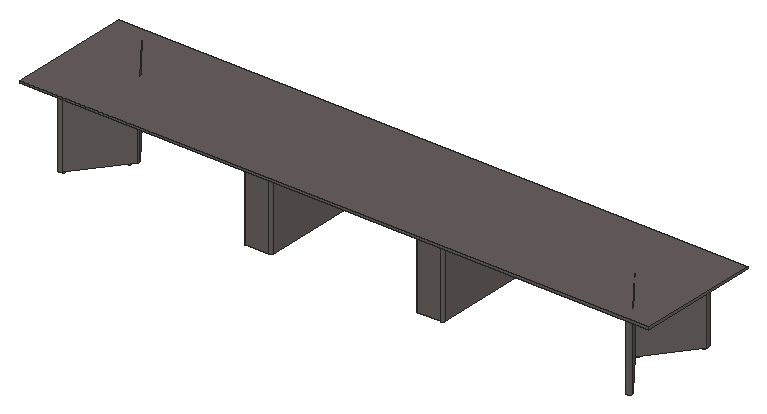
Revit family "Table-Teknion-CFTSTV_Figure_Table_Rectangular_Open_V_Leg_Subtop-R2023", category Furniture, Revit 2023
Family settings
  OmniClass Number = 23.40.20.00
  OmniClass Title = General Furniture and Specialties
  Work Plane-Based = No
  Enable Cutting in Views = No
  Always vertical = Yes
  Cut with Voids When Loaded = No
  Render Appearance Source = Family Geometry
  Shared = Yes
  Room Calculation Point = No
Parameters (values of type "Figure Table, Rectangular, Open V Leg, Subtop")
  Width [instance] = 240.000"
  Warranty = "http://www.teknion.com/ca/papers/legal-canada"
  V Leg Dim [instance] = if(Depth = 60.000", 25.000", 22.786")  # 25.000"
  Unit Weight URL = "http://www.teknion.com/ca/tools/assets#&asset=bee6a381-b954-425e-8283-5a2de3a804f2,f828d448-4b62-4231-9e5f-9a8991c0ed77"
  URL = "www.teknion.com"
  To render please download texture images found here [instance] = "https://assets.teknion.com/web/5e81352c1dfdb467/revit-material-swatches/"
  Sustainability Data = "https://www.teknion.com/ca/tools/assets#&topic=216f99a5-57a0-44fc-b10a-9dee9b29ae4c&asset=444deb64-fe58-4b68-981e-f75e97781df7,b4ff2d81-9f2e-437d-9659-7cffb09c31cf"
  Side Legs Dim [instance] = if(Depth = 60.000", 1.682", 0.914")  # 1.682"
  Series = "Custom Wood"  # constant formula
  Product Page URL = "https://www.teknion.com/ca/products/product-details?productLineId=f182336e-8e7a-673b-a6c8-ff00004460c4"
  Product Line = "Figure Table"  # constant formula
  Product Documentation Link = "https://d2r72yk5wmppdj.cloudfront.net/m/7b6608f508e3c5a8/Community_Table_Cut_Sheet.pdf"
  Part Number = "CFTSTV"  # constant formula
  Description = "Figure Table, Rectangular, Open V Leg, Subtop With Base for COM Surface"
  Base Finish [instance] = Veneer - Teknion - 5X - Flintwood - Dark Henna
  Base Dim [instance] = if(Depth = 60.000", 24.000", 18.000")  # 24.000"
  Actual Width [instance] = Width - 16.000"  # 224.000"
  Actual Depth [instance] = Depth - 16.000"  # 44.000"
  (N) No Central Base [instance] = not(or([(H) Hexa Panel], [(S) Softened Panel]))  # no
  Model = "CFTSTV_"  # constant formula
  Manufacturer Phone = "416-661-3370"  # constant formula
  Manufacturer Fax = "416.661.4586"  # constant formula
  Manufacturer Contact Information = "http://www.teknion.com/ca/contactus"
  Manufacturer Address = "1150 Flint Road, Toronto, ON. M3J 2J5. Canada"  # constant formula
  Manufacturer = "Teknion"  # constant formula
  How To Use Teknion Materials User Guide [instance] = "https://assets.teknion.com/m/205dd0a49fa58060/original/How-to-add-a-Material-Library-and-Texture-Images-to-your-Revit-project.pdf"
  (H) Hexa Panel [instance] = no
  For Additional Finishes please visit [instance] = "https://assets.teknion.com/m/44a8009b046e5d47/original/Teknion_Materials_Library.zip"
  Depth [instance] = 60.000"
  Default Elevation = 0.000"
  (S) Softened Panel [instance] = yes
  Central Base Options [instance] = if(Width > 131.000", "[(N) No Central Base] not available with selected width, Please select one of the options below", "Check / Uncheck for Base Options")  # "[(N) No Central Base] not available with selected width, Please select one of the options below"
  Base S 228"- [instance] = and([(S) Softened Panel], Width < 240.000")  # no
  Base S 240" [instance] = and([(S) Softened Panel], Width = 240.000")  # yes
  Base H 228"- [instance] = and([(H) Hexa Panel], Width < 240.000")  # no
  Base H 240" [instance] = and([(H) Hexa Panel], Width = 240.000")  # no
  Available Width [instance] = "Available In 96\", 108\", 120\", 132\", 144\", 156\", 168\", 180\", 192\", 204\", 216\", 228\", 240\""  # constant formula
  Available Depth [instance] = "Available In 48\", 54\", 60\""  # constant formula
  Assembly Code = "E2020200"
Reference planes (in)
  plane 1 "Center Front/Back": y = 0
  plane 2: z = 0
  plane 3 "Center Left/Right": x = 0.01361
  plane 4 "Left": x = -111.98639
  plane 5 "Right": x = 112.01361
  plane 6 "Back": y = 22
  plane 7 "Front": y = -22
  plane 8 "Top": z = 29
  plane 9: x = -37.31972
  plane 10: x = 37.34695
  plane 11: y = 12
  plane 12: y = -12
  plane 13: x = -86.98639
  plane 14: x = 87.01361
  plane 15: x = -35.63772
  plane 16: x = 35.66495
  plane 17 "WS TOP": z = 27.5
Forms (in)
  Sweep 1, solid, material "Veneer - Teknion - 5X - Flintwood - Dark Henna" <- "Base Finish"
    path origin (0, 0, 0) x (1, 0, 0) y (0, 0, 1)
      loop
        line (0.01361, 27.5) -> (0.01361, 26.75)
    profile origin (0.01361, 0, 27.125) x (0, -1, 0) y (1, 0, 0)
      loop
        line (22, -112) -> (22, 112) -> (-22, 112) -> (-22, -112) -> (22, -112)
  Sweep 2, solid, material "Veneer - Teknion - 5X - Flintwood - Dark Henna" <- "Base Finish"
    path origin (0, 0, 0) x (1, 0, 0) y (0, 1, 0)
      loop
        line (99.01361, 0) -> (-98.98639, 0)
    profile origin (0.01361, 0, 0) x (0, -1, 0) y (0, 0, 1)
      loop
        line (-7.932, 18.75) -> (-10.932, 26.75) -> (-12, 26.75) -> (-9, 18.75) -> (-7.932, 18.75)
      loop
        line (10.932, 26.75) -> (7.932, 18.75) -> (9, 18.75) -> (12, 26.75) -> (10.932, 26.75)
  Sweep 3, void
    path origin (0, 0, 0) x (1, 0, 0) y (0, 0, 1)
      loop
        line (0.01361, 42) -> (0.01361, 18.75)
    profile origin (0.01361, 0, 30.375) x (0, -1, 0) y (1, 0, 0)
      loop
        line (-17.38985, -100.08367) -> (-17.38985, -104.045) -> (18, -104.045) -> (18, -100.55185) -> (0, -86.73997) -> (-17.38985, -100.08367)
      loop
        line (0, 86.73997) -> (17.68067, 100.30682) -> (17.68067, 104.045) -> (-17.31933, 104.045) -> (-17.31933, 100.02956) -> (0, 86.73997)
Cuts and joins
  Sweep 3 cuts Sweep 2
Lines and regions (in)
  Masking region 1
    outline origin (0, 0, 0) x (1, 0, 0) y (0, 1, 0)
      loop
        line (112.01361, 22) -> (-111.98639, 22) -> (-111.98639, -22) -> (112.01361, -22) -> (112.01361, 22)
  symbolic lines, style "FurnitureHiddenLines", detail levels medium+fine
    curve 1: line (93.37627, 8.63086, 0) -> (94.19578, 9.69886, 0)
    curve 2: line (-94.16855, 9.69886, 0) -> (-93.34905, 8.63086, 0)
    curve 7: line (-95.93428, 12, 0) -> (95.96151, 12, 0)
    curve 8: line (95.142, 10.932, 0) -> (-95.11477, 10.932, 0)
    curve 9: line (-93.6323, 9, 0) -> (93.65953, 9, 0)
    curve 10: line (-92.81279, 7.932, 0) -> (92.84002, 7.932, 0)
    curve 11: line (90.53804, -7.932, 0) -> (-90.51081, -7.932, 0)
    curve 12: line (-91.33032, -9, 0) -> (91.35754, -9, 0)
    curve 13: line (-92.81279, -10.932, 0) -> (92.84002, -10.932, 0)
    curve 14: line (-93.6323, -12, 0) -> (93.65953, -12, 0)
  reference lines
    curve 3: line (-111.98639, 22, 0) -> (112.01361, 22, 0)
    curve 4: line (-111.98639, 22, 0) -> (-111.98639, -22, 0)
    curve 5: line (-111.98639, -22, 0) -> (112.01361, -22, 0)
    curve 6: line (112.01361, 22, 0) -> (112.01361, -22, 0)
Dimensions and locks (in)
  "Actual Width": plane 4 "Left" to plane 5 "Right"
  "Actual Depth": plane 6 "Back" to plane 7 "Front"
  plane 8 "Top" to level = 29.000"
  locked: plane 8 "Top" to Sweep 1 sketch curve at 2.25
  locked: plane 4 "Left" to Sweep 2 sketch curve at 13
  locked: Sweep 2 sketch curve to plane 5 "Right" at 13
  Sweep 2 sketch curve to Sweep 2 sketch curve to Sweep 2 sketch curve to Sweep 2 sketch curve = 1.068" locked, 1.932" locked, 1.068" locked
  Sweep 2 sketch curve to Sweep 2 sketch curve to Sweep 2 sketch curve to Sweep 2 sketch curve = 1.068", 1.932" locked, 1.068" locked
  plane 8 "Top" to Sweep 2 sketch curve to Sweep 2 sketch curve = 2.250" locked, 8.000" locked  (x2)
  equal spacing: plane 4 "Left", plane 3 "Center Left/Right", plane 5 "Right"
  equal spacing: plane 7 "Front", plane 1 "Center Front/Back", plane 6 "Back"
  equal spacing: plane 4 "Left", plane 9, plane 10, plane 5 "Right"
  equal spacing: plane 11, plane 1 "Center Front/Back", plane 12
  "Base Dim": plane 12 to plane 11
  "V Leg Dim": plane 4 "Left" to plane 13
  "V Leg Dim": plane 14 to plane 5 "Right"
  Sweep 3 sketch curve to plane 8 "Top" to Sweep 3 sketch curve = 13.000" locked, 10.250" locked
  Sweep 3 sketch curve to nested 8 to Sweep 3 sketch curve to Sweep 3 sketch curve = 18.000" locked, 0.000" locked, 17.38985" locked
  Sweep 3 sketch curve to plane 1 "Center Front/Back" to Sweep 3 sketch curve to Sweep 3 sketch curve = 17.68067" locked, 0.000" locked, 17.31933" locked
  Sweep 3 sketch curve to plane 14 to Sweep 3 sketch curve to Sweep 3 sketch curve to Sweep 3 sketch curve = 0.26003" locked, 13.02956" locked, 0.27727" locked, 3.73818" locked
  Sweep 3 sketch curve to Sweep 3 sketch curve to Sweep 3 sketch curve to plane 13 to Sweep 3 sketch curve = 3.49315" locked, 0.46819" locked, 13.08367" locked, 0.26003" locked
  "Side Legs Dim": plane 9 to plane 15
  "Side Legs Dim": plane 16 to plane 10
  locked: Sweep 1 sketch curve to Sweep 1 sketch curve at 0.75
  locked: plane 8 "Top" to plane 17 "WS TOP" at 1.5
  aligned and locked: level to plane 2
  aligned and locked: Sweep 1 sketch curve to plane 3 "Center Left/Right"
  aligned and locked: Sweep 2 sketch curve to plane 1 "Center Front/Back"
  aligned and locked: plane 1 "Center Front/Back" to nested 1
  aligned and locked: plane 1 "Center Front/Back" to nested 2
  aligned and locked: plane 3 "Center Left/Right" to nested 3
  aligned and locked: plane 1 "Center Front/Back" to nested 3
  aligned and locked: plane 1 "Center Front/Back" to nested 6
  aligned and locked: plane 1 "Center Front/Back" to nested 4
  aligned and locked: plane 3 "Center Left/Right" to nested 5
  aligned and locked: plane 1 "Center Front/Back" to nested 5
  aligned and locked: plane 3 "Center Left/Right" to nested 7
  aligned and locked: plane 1 "Center Front/Back" to nested 7
  aligned and locked: plane 2 to nested 4
  aligned and locked: plane 2 to nested 3
  aligned and locked: plane 2 to nested 2
  aligned and locked: plane 2 to nested 1
  aligned and locked: plane 2 to nested 5
  aligned and locked: plane 2 to nested 6
  aligned and locked: plane 12 to Sweep 2 sketch curve
  aligned and locked: plane 11 to Sweep 2 sketch curve
  aligned and locked: plane 1 "Center Front/Back" to nested 8
  aligned and locked: nested 9 to plane 1 "Center Front/Back"
  aligned and locked: nested 8 to plane 13
  aligned and locked: plane 14 to nested 9
  aligned and locked: Sweep 3 sketch curve to plane 3 "Center Left/Right"
  aligned and locked: nested 4 to plane 15
  aligned and locked: nested 1 to plane 15
  aligned and locked: nested 2 to plane 16
  aligned and locked: nested 6 to plane 16
  aligned and locked: nested 8 to plane 2
  aligned and locked: nested 9 to plane 2
  aligned and locked: curve 1 to cut or joined group of Sweep 2, Sweep 3
  aligned and locked: curve 2 to cut or joined group of Sweep 2, Sweep 3
  aligned and locked: Masking region 1 sketch curve to Sweep 1  (x4)
  aligned and locked: plane 6 "Back" to Sweep 1 sketch curve
  aligned and locked: Sweep 1 sketch curve to plane 4 "Left"
  aligned and locked: plane 7 "Front" to Sweep 1 sketch curve
  aligned and locked: Sweep 1 sketch curve to plane 5 "Right"
  aligned and locked: curve 3 to plane 6 "Back"
  aligned and locked: curve 4 to plane 4 "Left"
  aligned and locked: curve 5 to plane 7 "Front"
  aligned and locked: plane 5 "Right" to curve 6
  aligned and locked: curve 7 to cut or joined group of Sweep 2, Sweep 3
  aligned and locked: curve 8 to cut or joined group of Sweep 2, Sweep 3
  aligned and locked: curve 9 to cut or joined group of Sweep 2, Sweep 3
  aligned and locked: curve 10 to cut or joined group of Sweep 2, Sweep 3
  aligned and locked: cut or joined group of Sweep 2, Sweep 3 to curve 11
  aligned and locked: cut or joined group of Sweep 2, Sweep 3 to curve 12
  aligned and locked: cut or joined group of Sweep 2, Sweep 3 to curve 13
  aligned and locked: cut or joined group of Sweep 2, Sweep 3 to curve 14
Automatic sketch dimensions
  curve 2 to plane 11 = 2.30114"
  curve 1 to plane 11 = 2.30114"
  curve 7 to curve 2 = 1.76573"
  curve 1 to curve 7 = 1.76573"
  curve 7 to curve 8 = 0.81951"
  curve 8 to curve 7 = 0.81951"
  curve 9 to curve 2 = 0.28325"
  curve 1 to curve 9 = 0.28325"
  curve 2 to curve 10 = 0.53625"
  curve 10 to curve 1 = 0.53625"
  curve 11 to plane 13 = 3.52443"
  curve 11 to plane 14 = 3.52443"
  curve 12 to curve 11 = 0.81951"
  curve 11 to curve 12 = 0.81951"
  curve 13 to curve 12 = 1.48248"
  curve 12 to curve 13 = 1.48248"
  curve 14 to curve 13 = 0.81951"
  curve 13 to curve 14 = 0.81951"
Nested families (in)
  nested 1: "Softened Panel" at (-30.63772, 0, 0), Depth <- "Depth", Base Finish <- "Base Finish", visible <- "Base S 240"", type "Softened Panel"
    with Top Cutout yes, To render please download texture images found here "https://assets.teknion.com/web/5e81352c1dfdb467/revit-material-swatches/", Panel Width 36.000", Mid Leg no, Mid Cutout yes, Left Cutout yes, How To Use Teknion Materials User Guide "https://assets.teknion.com/m/205dd0a49fa58060/original/How-to-add-a-Material-Library-and-Texture-Images-to-your-Revit-project.pdf", Glide Finish Paint - Teknion - Foundation - Ebony, For Additional Finishes please visit "https://assets.teknion.com/m/44a8009b046e5d47/original/Teknion_Materials_Library.zip", Depth 60.000", Bottom Cutout yes, Base Finish Veneer - Teknion - 5X - Flintwood - Dark Henna
  nested 2: "Softened Panel" at (30.66495, 0, 0), Depth <- "Depth", Base Finish <- "Base Finish", visible <- "Base S 240"", type "Softened Panel"
    with Top Cutout yes, To render please download texture images found here "https://assets.teknion.com/web/5e81352c1dfdb467/revit-material-swatches/", Panel Width 36.000", Mid Leg no, Mid Cutout yes, Left Cutout no, How To Use Teknion Materials User Guide "https://assets.teknion.com/m/205dd0a49fa58060/original/How-to-add-a-Material-Library-and-Texture-Images-to-your-Revit-project.pdf", Glide Finish Paint - Teknion - Foundation - Ebony, For Additional Finishes please visit "https://assets.teknion.com/m/44a8009b046e5d47/original/Teknion_Materials_Library.zip", Depth 60.000", Bottom Cutout no, Base Finish Veneer - Teknion - 5X - Flintwood - Dark Henna
  nested 3: "Softened Panel" at (0.01361, 0, 0), Depth <- "Depth", Base Finish <- "Base Finish", visible <- "Base S 228"-", type "Softened Panel"
    with Top Cutout yes, To render please download texture images found here "https://assets.teknion.com/web/5e81352c1dfdb467/revit-material-swatches/", Panel Width 36.000", Mid Leg no, Mid Cutout yes, Left Cutout yes, How To Use Teknion Materials User Guide "https://assets.teknion.com/m/205dd0a49fa58060/original/How-to-add-a-Material-Library-and-Texture-Images-to-your-Revit-project.pdf", Glide Finish Paint - Teknion - Foundation - Ebony, For Additional Finishes please visit "https://assets.teknion.com/m/44a8009b046e5d47/original/Teknion_Materials_Library.zip", Depth 60.000", Bottom Cutout yes, Base Finish Veneer - Teknion - 5X - Flintwood - Dark Henna
  nested 4: "Hexa Panel" at (-30.63772, 0, 0), Base Finish <- "Base Finish", visible <- "Base H 240"", Depth <- "Depth", type "Hexa Panel"
    with To render please download texture images found here "https://assets.teknion.com/web/5e81352c1dfdb467/revit-material-swatches/", Panel Width 36.000", Mid Leg no, Left Cutout yes, How To Use Teknion Materials User Guide "https://assets.teknion.com/m/205dd0a49fa58060/original/How-to-add-a-Material-Library-and-Texture-Images-to-your-Revit-project.pdf", Glide Finish Paint - Teknion - Foundation - Ebony, For Additional Finishes please visit "https://assets.teknion.com/m/44a8009b046e5d47/original/Teknion_Materials_Library.zip", Depth 60.000", Base Finish Veneer - Teknion - 5X - Flintwood - Dark Henna
  nested 5: "Hexa Panel" at (0.01361, 0, 0), Base Finish <- "Base Finish", Depth <- "Depth", visible <- "Base H 228"-", type "Hexa Panel"
    with To render please download texture images found here "https://assets.teknion.com/web/5e81352c1dfdb467/revit-material-swatches/", Panel Width 36.000", Mid Leg no, Left Cutout yes, How To Use Teknion Materials User Guide "https://assets.teknion.com/m/205dd0a49fa58060/original/How-to-add-a-Material-Library-and-Texture-Images-to-your-Revit-project.pdf", Glide Finish Paint - Teknion - Foundation - Ebony, For Additional Finishes please visit "https://assets.teknion.com/m/44a8009b046e5d47/original/Teknion_Materials_Library.zip", Depth 60.000", Base Finish Veneer - Teknion - 5X - Flintwood - Dark Henna
  nested 6: "Hexa Panel" at (30.66495, 0, 0), Base Finish <- "Base Finish", visible <- "Base H 240"", Depth <- "Depth", type "Hexa Panel"
    with To render please download texture images found here "https://assets.teknion.com/web/5e81352c1dfdb467/revit-material-swatches/", Panel Width 36.000", Mid Leg no, Left Cutout no, How To Use Teknion Materials User Guide "https://assets.teknion.com/m/205dd0a49fa58060/original/How-to-add-a-Material-Library-and-Texture-Images-to-your-Revit-project.pdf", Glide Finish Paint - Teknion - Foundation - Ebony, For Additional Finishes please visit "https://assets.teknion.com/m/44a8009b046e5d47/original/Teknion_Materials_Library.zip", Depth 60.000", Base Finish Veneer - Teknion - 5X - Flintwood - Dark Henna
  nested 7: "Teknion_2D_Node_Family-R2021" at (0.01361, 0, 0), type "Teknion_2D_Node_Family-R2021"
  nested 8: "V Leg" at (-100.72679, 0.10332, 0), Base Finish <- "Base Finish", Depth <- "Depth", type "V Leg"
    with V Leg - Width 15.045", V Leg - Depth 36.000", To render please download texture images found here "https://assets.teknion.com/web/5e81352c1dfdb467/revit-material-swatches/", How To Use Teknion Materials User Guide "https://assets.teknion.com/m/205dd0a49fa58060/original/How-to-add-a-Material-Library-and-Texture-Images-to-your-Revit-project.pdf", Glide Finish Paint - Teknion - Foundation - Ebony, For Additional Finishes please visit "https://assets.teknion.com/m/44a8009b046e5d47/original/Teknion_Materials_Library.zip", Depth 60.000", Base Finish Veneer - Teknion - 5X - Flintwood - Dark Henna
  nested 9: "V Leg" at (100.75401, 0.10332, 0) x (-1, 0, 0) z (0, 0, 1), Base Finish <- "Base Finish", Depth <- "Depth", type "V Leg"
    with V Leg - Width 15.045", V Leg - Depth 36.000", To render please download texture images found here "https://assets.teknion.com/web/5e81352c1dfdb467/revit-material-swatches/", How To Use Teknion Materials User Guide "https://assets.teknion.com/m/205dd0a49fa58060/original/How-to-add-a-Material-Library-and-Texture-Images-to-your-Revit-project.pdf", Glide Finish Paint - Teknion - Foundation - Ebony, For Additional Finishes please visit "https://assets.teknion.com/m/44a8009b046e5d47/original/Teknion_Materials_Library.zip", Depth 60.000", Base Finish Veneer - Teknion - 5X - Flintwood - Dark Henna
Definition of nested family "Softened Panel"
  Parameters (values of type "Softened Panel")
    Warranty = "http://www.teknion.com/ca/papers/legal-canada"
    Unit Weight URL = "http://www.teknion.com/ca/tools/assets#&asset=bee6a381-b954-425e-8283-5a2de3a804f2,f828d448-4b62-4231-9e5f-9a8991c0ed77"
    URL = "www.teknion.com"
    Top Cutout [instance] = yes
    To render please download texture images found here [instance] = "https://assets.teknion.com/web/5e81352c1dfdb467/revit-material-swatches/"
    Sustainability Data = "https://www.teknion.com/ca/tools/assets#&topic=216f99a5-57a0-44fc-b10a-9dee9b29ae4c&asset=444deb64-fe58-4b68-981e-f75e97781df7,b4ff2d81-9f2e-437d-9659-7cffb09c31cf"
    Series = ""
    Product Page URL = ""
    Product Line = ""
    Product Documentation Link = ""
    Part Number = ""
    Panel Width [instance] = if(Depth = 60.000", 36.000", 30.000")  # 30.000"
    Model = ""
    Mid Leg [instance] = yes
    Mid Cutout [instance] = not(Mid Leg)  # no
    Manufacturer Phone = "416-661-3370"  # constant formula
    Manufacturer Fax = "416.661.4586"  # constant formula
    Manufacturer Contact Information = "http://www.teknion.com/ca/contactus"
    Manufacturer Address = "1150 Flint Road, Toronto, ON. M3J 2J5. Canada"  # constant formula
    Manufacturer = "Teknion"  # constant formula
    Left Cutout [instance] = yes
    How To Use Teknion Materials User Guide [instance] = "https://assets.teknion.com/m/205dd0a49fa58060/original/How-to-add-a-Material-Library-and-Texture-Images-to-your-Revit-project.pdf"
    Glide Finish [instance] = none
    For Additional Finishes please visit [instance] = "https://assets.teknion.com/m/44a8009b046e5d47/original/Teknion_Materials_Library.zip"
    Description = "Softened Panel"
    Depth [instance] = 0.000"
    Default Elevation = 0.000"
    Bottom Cutout [instance] = yes
    Base Finish [instance] = none
    Assembly Code = "E2020200"
  Reference planes (in)
    plane 1 "Center Front/Back": y = 0
    plane 2: z = 0
    plane 3 "Center Left/Right": x = 0
    plane 4 "Left": x = -5
    plane 5 "Right": x = 5
    plane 6 "Back": y = 15
    plane 7 "Front": y = -15
    plane 8 "Top": z = 26.75
    plane 9 "1": y = -13.646
    plane 10 "2": y = 13.646
    plane 11: z = 0.5
  Forms (in)
    Revolve 1, solid, material <- "Glide Finish"
      sketch origin (0, -13.646, 0) x (-1, 0, 0) y (0, 0, 1)
        loop
          line (3.64645, 0.25) -> (3.64645, 0) -> (4.14645, 0) -> (4.14645, 0.25) -> (3.64645, 0.25)
        axis (3.64645, 0.25) -> (3.64645, 0)
      angle from 0 to 360
    Revolve 2, solid, material <- "Glide Finish"
      sketch origin (7.81887, -13.646, 0) x (-1, 0, 0) y (0, 0, 1)
        loop
          line (4.17242, 0.25) -> (4.17242, 0) -> (4.67242, 0) -> (4.67242, 0.25) -> (4.17242, 0.25)
        axis (4.17242, 0.25) -> (4.17242, 0)
      angle from 0 to 360
    Revolve 3, solid, material <- "Glide Finish"
      sketch origin (0, 13.646, 0) x (-1, 0, 0) y (0, 0, 1)
        loop
          line (3.64645, 0.25) -> (3.64645, 0) -> (4.14645, 0) -> (4.14645, 0.25) -> (3.64645, 0.25)
        axis (3.64645, 0.25) -> (3.64645, 0)
      angle from 0 to 360
    Revolve 4, solid, material <- "Glide Finish"
      sketch origin (0, 13.646, 0) x (-1, 0, 0) y (0, 0, 1)
        loop
          line (-3.64645, 0.25) -> (-3.64645, 0) -> (-3.14645, 0) -> (-3.14645, 0.25) -> (-3.64645, 0.25)
        axis (-3.64645, 0.25) -> (-3.64645, 0)
      angle from 0 to 360
    Sweep 5, solid, material <- "Glide Finish"
      path origin (0, 0, 0) x (1, 0, 0) y (0, 0, 1)
        loop
          line (0, 0.5) -> (0, 0.25)
      profile origin (0, 0, 0.375) x (0, -1, 0) y (1, 0, 0)
        loop
          line (13.3335, -3.82713) -> (13.646, -4.00755) -> (13.9585, -3.82713) -> (13.9585, -3.46628) -> (13.646, -3.28586) -> (13.3335, -3.46628) -> (13.3335, -3.82713)
        loop
          line (13.3335, 3.46628) -> (13.646, 3.28586) -> (13.9585, 3.46628) -> (13.9585, 3.82713) -> (13.646, 4.00755) -> (13.3335, 3.82713) -> (13.3335, 3.46628)
        loop
          line (-13.9585, 3.46628) -> (-13.646, 3.28586) -> (-13.3335, 3.46628) -> (-13.3335, 3.82713) -> (-13.646, 4.00755) -> (-13.9585, 3.82713) -> (-13.9585, 3.46628)
        loop
          line (-13.9585, -3.82713) -> (-13.646, -4.00755) -> (-13.3335, -3.82713) -> (-13.3335, -3.46628) -> (-13.646, -3.28586) -> (-13.9585, -3.46628) -> (-13.9585, -3.82713)
    Sweep 6, solid, material <- "Base Finish"
      path origin (0, 0, 0) x (1, 0, 0) y (0, 0, 1)
        loop
          line (0, 26.75) -> (0, 0.5)
      profile origin (0, 0, 13.625) x (0, -1, 0) y (1, 0, 0)
        loop
          line (14, 5) -> (-14, 5)
          arc (-14, 5) -> (-14.70711, 4.70711) -> (-15, 4) r 1
          line (-15, 4) -> (-15, -4)
          arc (-15, -4) -> (-14.70711, -4.70711) -> (-14, -5) r 1
          line (-14, -5) -> (14, -5)
          arc (14, -5) -> (14.70711, -4.70711) -> (15, -4) r 1
          line (15, -4) -> (15, 4)
          arc (15, 4) -> (14.70711, 4.70711) -> (14, 5) r 1
    Sweep 7, void
      path origin (0, 0, 0) x (1, 0, 0) y (0, 1, 0)
        loop
          line (7.5, 0) -> (-7.5, 0)
      profile origin (0, 0, 0) x (0, -1, 0) y (0, 0, 1)
        loop
          line (-5, 27.5) -> (-5, 24.5)
          arc (-5, 24.5) -> (-4.85355, 24.14645) -> (-4.5, 24) r 0.5
          line (-4.5, 24) -> (4.5, 24)
          arc (4.5, 24) -> (4.85355, 24.14645) -> (5, 24.5) r 0.5
          line (5, 24.5) -> (5, 27.5) -> (-5, 27.5)
    Sweep 8, void
      path origin (0, 0, 0) x (1, 0, 0) y (0, 0, 1)
        loop
          line (0, 26) -> (0, 1.25)
      profile origin (0, 0, 13.625) x (0, -1, 0) y (1, 0, 0)
        loop
          line (-14.25, -4.25) -> (14.25, -4.25) -> (14.25, 4.25) -> (-14.25, 4.25) -> (-14.25, -4.25)
    Sweep 9, void
      path origin (0, 0, 0) x (1, 0, 0) y (0, 0, 1)
        loop
          line (0, 0) -> (0, 2)
      profile origin (0, 0, 1) x (-1, 0, 0) y (0, -1, 0)
        loop
          arc (3, -2.64575) -> (4, 0) -> (3, 2.64575) r 4
          line (3, 2.64575) -> (3, 4.5)
          arc (3, 4.5) -> (2.85355, 4.85355) -> (2.5, 5) r 0.5
          line (2.5, 5) -> (-2.5, 5)
          arc (-2.5, 5) -> (-2.85355, 4.85355) -> (-3, 4.5) r 0.5
          line (-3, 4.5) -> (-3, 2.64575)
          arc (-3, 2.64575) -> (-4, 0) -> (-3, -2.64575) r 4
          line (-3, -2.64575) -> (-3, -4.5)
          arc (-3, -4.5) -> (-2.85355, -4.85355) -> (-2.5, -5) r 0.5
          line (-2.5, -5) -> (2.5, -5)
          arc (2.5, -5) -> (2.85355, -4.85355) -> (3, -4.5) r 0.5
          line (3, -4.5) -> (3, -2.64575)
    Sweep 10, void
      path origin (0, 0, 0) x (1, 0, 0) y (0, 1, 0)
        loop
          line (-2.5, 0) -> (-7.5, 0)
      profile origin (-5, 0, 0) x (0, -1, 0) y (0, 0, 1)
        loop
          line (-3.9, 21) -> (-3.9, 4.6) -> (3.9, 4.6) -> (3.9, 21) -> (-3.9, 21)
        loop
          line (-4, 22) -> (-4, 4.5) -> (4, 4.5) -> (4, 22)
          arc (4, 22) -> (3.85355, 22.35355) -> (3.5, 22.5) r 0.5
          line (3.5, 22.5) -> (-3.5, 22.5)
          arc (-3.5, 22.5) -> (-3.85355, 22.35355) -> (-4, 22) r 0.5
    Sweep 11, void
      path origin (0, 0, 0) x (1, 0, 0) y (0, 1, 0)
        loop
          line (7.5, 0) -> (-7.25, 0)
      profile origin (0.125, 0, 0) x (0, -1, 0) y (0, 0, 1)
        loop
          arc (2.75, 24) -> (2.92678, 24.07322) -> (3, 24.25) r 0.25
          line (3, 24.25) -> (3, 25.75)
          arc (3, 25.75) -> (2.92678, 25.92678) -> (2.75, 26) r 0.25
          line (2.75, 26) -> (-2.75, 26)
          arc (-2.75, 26) -> (-2.92678, 25.92678) -> (-3, 25.75) r 0.25
          line (-3, 25.75) -> (-3, 24.25)
          arc (-3, 24.25) -> (-2.92678, 24.07322) -> (-2.75, 24) r 0.25
          line (-2.75, 24) -> (2.75, 24)
    Sweep 12, void
      path origin (0, 0, 0) x (1, 0, 0) y (0, 0, 1)
        loop
          line (0, 28.75) -> (0, -1.25)
      profile origin (0, 0, 13.75) x (0, -1, 0) y (1, 0, 0)
        loop
          arc (4.5, -3) -> (4.85355, -2.85355) -> (5, -2.5) r 0.5
          line (5, -2.5) -> (5, 2.5)
          arc (5, 2.5) -> (4.85355, 2.85355) -> (4.5, 3) r 0.5
          line (4.5, 3) -> (-4.5, 3)
          arc (-4.5, 3) -> (-4.85355, 2.85355) -> (-5, 2.5) r 0.5
          line (-5, 2.5) -> (-5, -2.5)
          arc (-5, -2.5) -> (-4.85355, -2.85355) -> (-4.5, -3) r 0.5
          line (-4.5, -3) -> (4.5, -3)
  Cuts and joins
    joined: Revolve 1, Revolve 2, Revolve 3, Revolve 4, Sweep 5
    Sweep 7, Sweep 8, Sweep 9, Sweep 10, Sweep 11, Sweep 12 cuts Sweep 6
  Lines and regions (in)
    symbolic lines, visible <- "Bottom Cutout", detail levels medium+fine
      curve 1: arc (3, 2.64575, 0) -> (4, 0, 0) -> (3, -2.64575, 0) r 4
      curve 2: arc (-3, -2.64575, 0) -> (-4, 0, 0) -> (-3, 2.64575, 0) r 4
      curve 41: arc (-3, 2.64575, 0) -> (-4, 0, 0) -> (-3, -2.64575, 0) r 4
      curve 47: arc (3, -2.64575, 0) -> (4, 0, 0) -> (3, 2.64575, 0) r 4
    symbolic lines, not visible, detail levels medium+fine
      curve 3: line (5, 5, 0) -> (-5, 5, 0)
      curve 4: line (-5, -5, 0) -> (5, -5, 0)
    symbolic lines, detail levels fine
      curve 5: line (-3.46628, 13.9585, 0) -> (-3.82713, 13.9585, 0)
      curve 6: line (-3.82713, 13.9585, 0) -> (-4.00755, 13.646, 0)
      curve 7: line (-4.00755, 13.646, 0) -> (-3.82713, 13.3335, 0)
      curve 8: line (-3.82713, 13.3335, 0) -> (-3.46628, 13.3335, 0)
      curve 9: line (-3.46628, 13.3335, 0) -> (-3.28586, 13.646, 0)
      curve 10: line (-3.28586, 13.646, 0) -> (-3.46628, 13.9585, 0)
      curve 11: arc (-4.14645, 13.646, 0) -> (-3.64645, 14.146, 0) -> (-3.14645, 13.646, 0) r 0.5
      curve 12: arc (-3.14645, 13.646, 0) -> (-3.64645, 13.146, 0) -> (-4.14645, 13.646, 0) r 0.5
      curve 13: arc (4.14645, 13.646, 0) -> (3.64645, 13.146, 0) -> (3.14645, 13.646, 0) r 0.5
      curve 14: arc (3.14645, 13.646, 0) -> (3.64645, 14.146, 0) -> (4.14645, 13.646, 0) r 0.5
      curve 15: line (3.82713, 13.9585, 0) -> (3.46628, 13.9585, 0)
      curve 16: line (3.46628, 13.9585, 0) -> (3.28586, 13.646, 0)
      curve 17: line (3.28586, 13.646, 0) -> (3.46628, 13.3335, 0)
      curve 18: line (3.46628, 13.3335, 0) -> (3.82713, 13.3335, 0)
      curve 19: line (3.82713, 13.3335, 0) -> (4.00755, 13.646, 0)
      curve 20: line (4.00755, 13.646, 0) -> (3.82713, 13.9585, 0)
      curve 21: line (3.82713, -13.3335, 0) -> (3.46628, -13.3335, 0)
      curve 22: line (3.46628, -13.3335, 0) -> (3.28586, -13.646, 0)
      curve 23: line (3.28586, -13.646, 0) -> (3.46628, -13.9585, 0)
      curve 24: line (3.46628, -13.9585, 0) -> (3.82713, -13.9585, 0)
      curve 25: line (3.82713, -13.9585, 0) -> (4.00755, -13.646, 0)
      curve 26: line (4.00755, -13.646, 0) -> (3.82713, -13.3335, 0)
      curve 27: arc (4.14645, -13.646, 0) -> (3.64645, -13.146, 0) -> (3.14645, -13.646, 0) r 0.5
      curve 28: arc (3.14645, -13.646, 0) -> (3.64645, -14.146, 0) -> (4.14645, -13.646, 0) r 0.5
      curve 29: arc (-4.14645, -13.646, 0) -> (-3.64645, -14.146, 0) -> (-3.14645, -13.646, 0) r 0.5
      curve 30: arc (-3.14645, -13.646, 0) -> (-3.64645, -13.146, 0) -> (-4.14645, -13.646, 0) r 0.5
      curve 31: line (-3.28586, -13.646, 0) -> (-3.46628, -13.3335, 0)
      curve 32: line (-3.46628, -13.3335, 0) -> (-3.82713, -13.3335, 0)
      curve 33: line (-3.82713, -13.3335, 0) -> (-4.00755, -13.646, 0)
      curve 34: line (-4.00755, -13.646, 0) -> (-3.82713, -13.9585, 0)
      curve 35: line (-3.82713, -13.9585, 0) -> (-3.46628, -13.9585, 0)
      curve 36: line (-3.46628, -13.9585, 0) -> (-3.28586, -13.646, 0)
    symbolic lines, detail levels medium+fine
      curve 37: line (-4.25, 14.25, 0) -> (-4.25, -14.25, 0)
      curve 38: line (-4.25, -14.25, 0) -> (4.25, -14.25, 0)
      curve 39: line (4.25, -14.25, 0) -> (4.25, 14.25, 0)
      curve 40: line (4.25, 14.25, 0) -> (-4.25, 14.25, 0)
      curve 42: line (-3, -2.64575, 0) -> (-3, -4.5, 0)
      curve 43: arc (-3, -4.5, 0) -> (-2.85355, -4.85355, 0) -> (-2.5, -5, 0) r 0.5
      curve 44: line (-2.5, -5, 0) -> (2.5, -5, 0)
      curve 45: arc (2.5, -5, 0) -> (2.85355, -4.85355, 0) -> (3, -4.5, 0) r 0.5
      curve 46: line (3, -4.5, 0) -> (3, -2.64575, 0)
      curve 48: line (3, 2.64575, 0) -> (3, 4.5, 0)
      curve 49: arc (3, 4.5, 0) -> (2.85355, 4.85355, 0) -> (2.5, 5, 0) r 0.5
      curve 50: line (2.5, 5, 0) -> (-2.5, 5, 0)
      curve 51: arc (-2.5, 5, 0) -> (-2.85355, 4.85355, 0) -> (-3, 4.5, 0) r 0.5
      curve 52: line (-3, 4.5, 0) -> (-3, 2.64575, 0)
      curve 53: line (-3, -4.5, 0) -> (-3, 4.5, 0)
      curve 54: arc (-3, 4.5, 0) -> (-2.85355, 4.85355, 0) -> (-2.5, 5, 0) r 0.5
      curve 55: line (-2.5, 5, 0) -> (2.5, 5, 0)
      curve 56: arc (2.5, 5, 0) -> (2.85355, 4.85355, 0) -> (3, 4.5, 0) r 0.5
      curve 57: line (3, 4.5, 0) -> (3, -4.5, 0)
      curve 58: arc (3, -4.5, 0) -> (2.85355, -4.85355, 0) -> (2.5, -5, 0) r 0.5
      curve 59: line (2.5, -5, 0) -> (-2.5, -5, 0)
      curve 60: arc (-2.5, -5, 0) -> (-2.85355, -4.85355, 0) -> (-3, -4.5, 0) r 0.5
      curve 61: line (-5, 14, 0) -> (-5, -14, 0)
      curve 62: arc (-5, -14, 0) -> (-4.70711, -14.70711, 0) -> (-4, -15, 0) r 1
      curve 63: line (-4, -15, 0) -> (4, -15, 0)
      curve 64: arc (4, -15, 0) -> (4.70711, -14.70711, 0) -> (5, -14, 0) r 1
      curve 65: line (5, -14, 0) -> (5, 14, 0)
      curve 66: arc (5, 14, 0) -> (4.70711, 14.70711, 0) -> (4, 15, 0) r 1
      curve 67: line (4, 15, 0) -> (-4, 15, 0)
      curve 68: arc (-4, 15, 0) -> (-4.70711, 14.70711, 0) -> (-5, 14, 0) r 1
  Dimensions and locks (in)
    plane 4 "Left" to plane 5 "Right" = 10.000"
    "Panel Width": plane 6 "Back" to plane 7 "Front"
    locked: plane 8 "Top" to level at 26.75
    equal spacing: plane 6 "Back", plane 1 "Center Front/Back", plane 7 "Front"
    equal spacing: plane 4 "Left", plane 3 "Center Left/Right", plane 5 "Right"
    locked: plane 6 "Back" to plane 10 "2" at 1.354
    locked: plane 7 "Front" to plane 9 "1" at 1.354
    locked: plane 11 to plane 2 at 0.5
    locked: Revolve 1 sketch curve to plane 2 at 0.25
    Revolve 1 sketch curve to Revolve 1 sketch curve to plane 4 "Left" = 0.500" locked, 0.85355" locked
    locked: Revolve 2 sketch curve to plane 2 at 0.25
    Revolve 2 sketch curve to Revolve 2 sketch curve to plane 5 "Right" = 0.500" locked, 1.35355" locked
    locked: Revolve 2 sketch curve to plane 5 "Right" at 1.35355
    Revolve 3 sketch curve to Revolve 3 sketch curve to plane 4 "Left" = 0.500" locked, 0.85355" locked
    locked: Revolve 3 sketch curve to plane 2 at 0.25
    locked: Revolve 4 sketch curve to plane 2 at 0.25
    Revolve 4 sketch curve to Revolve 4 sketch curve to plane 5 "Right" = 0.500" locked, 1.35355" locked
    locked: Revolve 4 sketch curve to plane 5 "Right" at 1.35355
    locked: Sweep 5 sketch curve to plane 2 at 0.25
    plane 4 "Left" to Sweep 5 sketch curve to Sweep 5 sketch curve to Sweep 5 sketch curve to Sweep 5 sketch curve to Sweep 5 sketch curve to Sweep 5 sketch curve = 0.99245" locked, 0.18042" locked, 0.000" locked, 0.36084" locked, 0.000" locked, 0.18042" locked  (x2)
    Sweep 5 sketch curve to Sweep 5 sketch curve to Sweep 5 sketch curve to Sweep 5 sketch curve to Sweep 5 sketch curve to Sweep 5 sketch curve to plane 5 "Right" = 0.18042" locked, 0.000" locked, 0.36084" locked, 0.000" locked, 0.18042" locked, 0.99245" locked  (x2)
    Sweep 5 sketch curve to plane 9 "1" to Sweep 5 sketch curve = 0.3125" locked, 0.3125" locked  (x2)
    Sweep 5 sketch curve to plane 10 "2" to Sweep 5 sketch curve = 0.3125" locked, 0.3125" locked  (x2)
    locked: plane 4 "Left" to Revolve 1 sketch curve at 1.35355
    locked: plane 4 "Left" to Revolve 3 sketch curve at 1.35355
    locked: plane 6 "Back" to Sweep 6 sketch curve at 1  (x2)
    locked: plane 7 "Front" to Sweep 6 sketch curve at 1  (x2)
    locked: plane 4 "Left" to Sweep 6 sketch curve at 1  (x2)
    locked: Sweep 6 sketch curve to plane 5 "Right" at 1  (x2)
    Sweep 7 sketch curve to Sweep 7 sketch curve to plane 1 "Center Front/Back" to Sweep 7 sketch curve to Sweep 7 sketch curve = 0.500" locked, 4.500" locked, 4.500" locked, 0.500" locked
    Sweep 7 sketch curve to plane 8 "Top" to Sweep 7 sketch curve = 0.750" locked, 2.750" locked
    locked: Sweep 8 sketch curve to plane 11 at 0.75
    locked: plane 8 "Top" to Sweep 8 sketch curve at 0.75
    locked: Sweep 8 sketch curve to plane 7 "Front" at 0.75
    locked: Sweep 8 sketch curve to plane 6 "Back" at 0.75
    locked: plane 4 "Left" to Sweep 8 sketch curve at 0.75
    locked: Sweep 8 sketch curve to plane 5 "Right" at 0.75
    locked: Sweep 9 sketch curve to plane 2 at 2
    Sweep 9 sketch curve to Sweep 9 sketch curve to Sweep 9 sketch curve to Sweep 9 sketch curve to Sweep 9 sketch curve to plane 1 "Center Front/Back" to Sweep 9 sketch curve to Sweep 9 sketch curve to Sweep 9 sketch curve to Sweep 9 sketch curve to Sweep 9 sketch curve = 0.500" locked, 0.000" locked, 1.85425" locked, 0.000" locked, 2.64575" locked, 2.64575" locked, 0.000" locked, 1.85425" locked, 0.000" locked, 0.500" locked
    Sweep 9 sketch curve to Sweep 9 sketch curve to plane 3 "Center Left/Right" to Sweep 9 sketch curve to Sweep 9 sketch curve = 0.500" locked, 2.500" locked, 2.500" locked, 0.500" locked
    Sweep 10 sketch curve to Sweep 10 sketch curve to plane 3 "Center Left/Right" = 5.000" locked, 2.500" locked
    Sweep 10 sketch curve to Sweep 10 sketch curve to Sweep 10 sketch curve to Sweep 10 sketch curve to plane 11 = 1.500" locked, 16.400" locked, 0.100" locked, 4.000" locked
    Sweep 10 sketch curve to Sweep 10 sketch curve to Sweep 10 sketch curve to plane 1 "Center Front/Back" to Sweep 10 sketch curve to Sweep 10 sketch curve to Sweep 10 sketch curve = 0.100" locked, 0.400" locked, 3.500" locked, 3.500" locked, 0.400" locked, 0.100" locked
    locked: Sweep 7 sketch curve to plane 4 "Left" at 2.5
    locked: plane 3 "Center Left/Right" to Sweep 11 sketch curve at 7.5
    Sweep 11 sketch curve to Sweep 11 sketch curve to plane 1 "Center Front/Back" to Sweep 11 sketch curve to Sweep 11 sketch curve = 0.250" locked, 2.750" locked, 2.750" locked, 0.250" locked
    Sweep 11 sketch curve to Sweep 11 sketch curve to Sweep 11 sketch curve to Sweep 11 sketch curve to plane 8 "Top" = 0.250" locked, 1.500" locked, 0.250" locked, 0.750" locked
    locked: Sweep 12 sketch curve to plane 8 "Top" at 2
    Sweep 12 sketch curve to Sweep 12 sketch curve to plane 3 "Center Left/Right" to Sweep 12 sketch curve to Sweep 12 sketch curve = 0.500" locked, 2.500" locked, 2.500" locked, 0.500" locked
    Sweep 12 sketch curve to Sweep 12 sketch curve to plane 1 "Center Front/Back" to Sweep 12 sketch curve to Sweep 12 sketch curve = 0.500" locked, 4.500" locked, 4.500" locked, 0.500" locked
    aligned and locked: level to plane 2
    aligned and locked: plane 2 to Revolve 1 sketch curve
    aligned and locked: plane 2 to Revolve 2 sketch curve
    aligned and locked: plane 2 to Revolve 3 sketch curve
    aligned and locked: plane 2 to Revolve 4 sketch curve
    aligned and locked: plane 11 to Sweep 5 sketch curve
    aligned and locked: Sweep 5 sketch curve to plane 3 "Center Left/Right"
    aligned and locked: plane 9 "1" to Sweep 5 sketch curve  (x4)
    aligned and locked: plane 10 "2" to Sweep 5 sketch curve  (x4)
    aligned and locked: plane 11 to Sweep 6 sketch curve
    aligned and locked: plane 8 "Top" to Sweep 6 sketch curve
    aligned and locked: Sweep 6 sketch curve to plane 3 "Center Left/Right"
    aligned and locked: Sweep 6 sketch curve to plane 7 "Front"
    aligned and locked: plane 4 "Left" to Sweep 6 sketch curve
    aligned and locked: plane 6 "Back" to Sweep 6 sketch curve
    aligned and locked: Sweep 7 sketch curve to plane 1 "Center Front/Back"
    aligned and locked: Sweep 8 sketch curve to plane 3 "Center Left/Right"
    aligned and locked: plane 2 to Sweep 9 sketch curve
    aligned and locked: plane 3 "Center Left/Right" to Sweep 9 sketch curve  (x3)
    aligned and locked: Sweep 9 sketch curve to Sweep 9 sketch curve
    aligned and locked: Sweep 10 sketch curve to plane 1 "Center Front/Back"
    aligned and locked: Sweep 12 sketch curve to plane 3 "Center Left/Right"
    aligned and locked: Sweep 11 sketch curve to plane 1 "Center Front/Back"
    aligned and locked: curve 5 to cut or joined group of Revolve 1, Revolve 2, Revolve 3, Revolve 4, Sweep 5
    aligned and locked: curve 6 to cut or joined group of Revolve 1, Revolve 2, Revolve 3, Revolve 4, Sweep 5
    aligned and locked: curve 7 to cut or joined group of Revolve 1, Revolve 2, Revolve 3, Revolve 4, Sweep 5
    aligned and locked: curve 8 to cut or joined group of Revolve 1, Revolve 2, Revolve 3, Revolve 4, Sweep 5
    aligned and locked: curve 9 to cut or joined group of Revolve 1, Revolve 2, Revolve 3, Revolve 4, Sweep 5
    aligned and locked: curve 10 to cut or joined group of Revolve 1, Revolve 2, Revolve 3, Revolve 4, Sweep 5
    aligned and locked: curve 11 to cut or joined group of Revolve 1, Revolve 2, Revolve 3, Revolve 4, Sweep 5
    aligned and locked: curve 12 to cut or joined group of Revolve 1, Revolve 2, Revolve 3, Revolve 4, Sweep 5
    aligned and locked: curve 13 to cut or joined group of Revolve 1, Revolve 2, Revolve 3, Revolve 4, Sweep 5
    aligned and locked: curve 14 to cut or joined group of Revolve 1, Revolve 2, Revolve 3, Revolve 4, Sweep 5
    aligned and locked: curve 15 to cut or joined group of Revolve 1, Revolve 2, Revolve 3, Revolve 4, Sweep 5
    aligned and locked: curve 16 to cut or joined group of Revolve 1, Revolve 2, Revolve 3, Revolve 4, Sweep 5
    aligned and locked: curve 17 to cut or joined group of Revolve 1, Revolve 2, Revolve 3, Revolve 4, Sweep 5
    aligned and locked: curve 18 to cut or joined group of Revolve 1, Revolve 2, Revolve 3, Revolve 4, Sweep 5
    aligned and locked: curve 19 to cut or joined group of Revolve 1, Revolve 2, Revolve 3, Revolve 4, Sweep 5
    aligned and locked: curve 20 to cut or joined group of Revolve 1, Revolve 2, Revolve 3, Revolve 4, Sweep 5
    aligned and locked: curve 21 to cut or joined group of Revolve 1, Revolve 2, Revolve 3, Revolve 4, Sweep 5
    aligned and locked: curve 22 to cut or joined group of Revolve 1, Revolve 2, Revolve 3, Revolve 4, Sweep 5
    aligned and locked: curve 23 to cut or joined group of Revolve 1, Revolve 2, Revolve 3, Revolve 4, Sweep 5
    aligned and locked: curve 24 to cut or joined group of Revolve 1, Revolve 2, Revolve 3, Revolve 4, Sweep 5
    aligned and locked: curve 25 to cut or joined group of Revolve 1, Revolve 2, Revolve 3, Revolve 4, Sweep 5
    aligned and locked: curve 26 to cut or joined group of Revolve 1, Revolve 2, Revolve 3, Revolve 4, Sweep 5
    aligned and locked: curve 27 to cut or joined group of Revolve 1, Revolve 2, Revolve 3, Revolve 4, Sweep 5
    aligned and locked: curve 28 to cut or joined group of Revolve 1, Revolve 2, Revolve 3, Revolve 4, Sweep 5
    aligned and locked: curve 29 to cut or joined group of Revolve 1, Revolve 2, Revolve 3, Revolve 4, Sweep 5
    aligned and locked: curve 30 to cut or joined group of Revolve 1, Revolve 2, Revolve 3, Revolve 4, Sweep 5
    aligned and locked: curve 31 to cut or joined group of Revolve 1, Revolve 2, Revolve 3, Revolve 4, Sweep 5
    aligned and locked: curve 32 to cut or joined group of Revolve 1, Revolve 2, Revolve 3, Revolve 4, Sweep 5
    aligned and locked: curve 33 to cut or joined group of Revolve 1, Revolve 2, Revolve 3, Revolve 4, Sweep 5
    aligned and locked: curve 34 to cut or joined group of Revolve 1, Revolve 2, Revolve 3, Revolve 4, Sweep 5
    aligned and locked: curve 35 to cut or joined group of Revolve 1, Revolve 2, Revolve 3, Revolve 4, Sweep 5
    aligned and locked: curve 36 to cut or joined group of Revolve 1, Revolve 2, Revolve 3, Revolve 4, Sweep 5
    aligned and locked: curve 37 to cut or joined group of Sweep 6, Sweep 7, Sweep 8, Sweep 9, Sweep 10, Sweep 11, Sweep 12
    aligned and locked: curve 38 to cut or joined group of Sweep 6, Sweep 7, Sweep 8, Sweep 9, Sweep 10, Sweep 11, Sweep 12
    aligned and locked: curve 39 to cut or joined group of Sweep 6, Sweep 7, Sweep 8, Sweep 9, Sweep 10, Sweep 11, Sweep 12
    aligned and locked: curve 40 to cut or joined group of Sweep 6, Sweep 7, Sweep 8, Sweep 9, Sweep 10, Sweep 11, Sweep 12
    aligned and locked: curve 41 to Sweep 9
    aligned and locked: curve 42 to Sweep 9
    aligned and locked: curve 43 to Sweep 9
    aligned and locked: curve 45 to Sweep 9
    aligned and locked: curve 47 to Sweep 9
    aligned and locked: curve 48 to Sweep 9
    aligned and locked: curve 49 to Sweep 9
    aligned and locked: curve 51 to Sweep 9
    aligned and locked: curve 62 to cut or joined group of Sweep 6, Sweep 7, Sweep 8, Sweep 9, Sweep 10, Sweep 11, Sweep 12
    aligned and locked: curve 64 to cut or joined group of Sweep 6, Sweep 7, Sweep 8, Sweep 9, Sweep 10, Sweep 11, Sweep 12
    aligned and locked: curve 66 to cut or joined group of Sweep 6, Sweep 7, Sweep 8, Sweep 9, Sweep 10, Sweep 11, Sweep 12
    aligned and locked: curve 68 to cut or joined group of Sweep 6, Sweep 7, Sweep 8, Sweep 9, Sweep 10, Sweep 11, Sweep 12
  Automatic sketch dimensions
    Revolve 2 sketch curve to plane 11 = 0.0769"
    Revolve 2 sketch curve to level = 0.3269"
    level to Revolve 4 sketch curve = 0.45393"
    plane 11 to Revolve 4 sketch curve = 0.08613"
    plane 11 to Revolve 1 sketch curve = 0.250"
    Revolve 1 sketch curve to level = 0.62632"
    Revolve 3 sketch curve to plane 11 = 0.250"
    level to Revolve 3 sketch curve = 0.500"
    Sweep 7 sketch curve to plane 5 "Right" = 2.500"
    Sweep 11 sketch curve to plane 4 "Left" = 2.250"
    Sweep 12 sketch curve to level = 1.250"
    curve 1 to curve 2 = 0.000"
    curve 4 to curve 1 = 2.35425"
    curve 2 to curve 3 = 2.35425"
    curve 1 to curve 47 = 0.000"
Definition of nested family "Hexa Panel"
  Parameters (values of type "Hexa Panel")
    Warranty = "http://www.teknion.com/ca/papers/legal-canada"
    Unit Weight URL = "http://www.teknion.com/ca/tools/assets#&asset=bee6a381-b954-425e-8283-5a2de3a804f2,f828d448-4b62-4231-9e5f-9a8991c0ed77"
    URL = "www.teknion.com"
    To render please download texture images found here [instance] = "https://assets.teknion.com/web/5e81352c1dfdb467/revit-material-swatches/"
    Sustainability Data = "https://www.teknion.com/ca/tools/assets#&topic=216f99a5-57a0-44fc-b10a-9dee9b29ae4c&asset=444deb64-fe58-4b68-981e-f75e97781df7,b4ff2d81-9f2e-437d-9659-7cffb09c31cf"
    Series = ""
    Product Page URL = ""
    Product Line = ""
    Product Documentation Link = ""
    Part Number = ""
    Panel Width [instance] = if(Depth = 60.000", 36.000", 30.000")  # 36.000"
    Model = ""
    Mid Leg [instance] = yes
    Manufacturer Phone = "416-661-3370"  # constant formula
    Manufacturer Fax = "416.661.4586"  # constant formula
    Manufacturer Contact Information = "http://www.teknion.com/ca/contactus"
    Manufacturer Address = "1150 Flint Road, Toronto, ON. M3J 2J5. Canada"  # constant formula
    Manufacturer = "Teknion"  # constant formula
    Left Cutout [instance] = yes
    How To Use Teknion Materials User Guide [instance] = "https://assets.teknion.com/m/205dd0a49fa58060/original/How-to-add-a-Material-Library-and-Texture-Images-to-your-Revit-project.pdf"
    Glide Finish [instance] = none
    For Additional Finishes please visit [instance] = "https://assets.teknion.com/m/44a8009b046e5d47/original/Teknion_Materials_Library.zip"
    Description = "Hexa Panel"
    Depth [instance] = 60.000"
    Default Elevation = 0.000"
    Base Finish [instance] = none
    Assembly Code = "E2020200"
  Reference planes (in)
    plane 1 "Center Front/Back": y = 0
    plane 2: z = 0
    plane 3 "Center Left/Right": x = 0
    plane 4 "Left": x = -5
    plane 5 "Right": x = 5
    plane 6 "Back": y = 18
    plane 7 "Front": y = -18
    plane 8 "Top": z = 26.75
    plane 9 "1": y = -15.5
    plane 10 "2": y = -7.06461
    plane 11 "4": y = 15.5
    plane 12 "3": y = 7.06461
    plane 13: z = 0.5
  Forms (in)
    Sweep 1, solid, material <- "Base Finish"
      path origin (0, 0, 0) x (1, 0, 0) y (0, 0, 1)
        loop
          line (0, 26.75) -> (0, 0.5)
      profile origin (0, 0, 13.625) x (0, -1, 0) y (1, 0, 0)
        loop
          line (-7.27625, 5) -> (-17.37404, 0.92741)
          arc (-17.37404, 0.92741) -> (-17.82887, 0.55945) -> (-18, 0) r 1
          arc (-18, 0) -> (-17.82887, -0.55945) -> (-17.37404, -0.92741) r 1
          line (-17.37404, -0.92741) -> (-7.27625, -5) -> (7.27625, -5) -> (17.37404, -0.92741)
          arc (17.37404, -0.92741) -> (17.82887, -0.55945) -> (18, 0) r 1
          arc (18, 0) -> (17.82887, 0.55945) -> (17.37404, 0.92741) r 1
          line (17.37404, 0.92741) -> (7.27625, 5) -> (-7.27625, 5)
    Sweep 2, void
      path origin (0, 0, 0) x (1, 0, 0) y (0, 0, 1)
        loop
          line (0, 26) -> (0, 1.25)
      profile origin (0, 0, 13.625) x (0, -1, 0) y (1, 0, 0)
        loop
          line (-7.25333, -4.88189) -> (7.25333, -4.88189) -> (17.13189, -0.89772) -> (17.13189, 0.89772) -> (7.25333, 4.88189) -> (-7.25333, 4.88189) -> (-17.13189, 0.89772) -> (-17.13189, -0.89772) -> (-7.25333, -4.88189)
    Sweep 3, void
      path origin (0, 0, 0) x (1, 0, 0) y (0, 0, 1)
        loop
          line (0, 28.75) -> (0, -2.25)
      profile origin (0, 0, 13.25) x (0, -1, 0) y (1, 0, 0)
        loop
          line (6.8652, -2.88189) -> (11.71124, -0.92741)
          arc (11.71124, -0.92741) -> (12.16607, -0.55945) -> (12.3372, 0) r 1
          arc (12.3372, 0) -> (12.16607, 0.55945) -> (11.71124, 0.92741) r 1
          line (11.71124, 0.92741) -> (6.8652, 2.88189) -> (-6.8652, 2.88189) -> (-11.71124, 0.92741)
          arc (-11.71124, 0.92741) -> (-12.16607, 0.55945) -> (-12.3372, 0) r 1
          arc (-12.3372, 0) -> (-12.16607, -0.55945) -> (-11.71124, -0.92741) r 1
          line (-11.71124, -0.92741) -> (-6.8652, -2.88189) -> (6.8652, -2.88189)
    Revolve 4, solid, material <- "Glide Finish"
      sketch origin (0, -15.5, 0) x (-1, 0, 0) y (0, 0, 1)
        loop
          line (0, 0.25) -> (0, 0) -> (0.5, 0) -> (0.5, 0.25) -> (0, 0.25)
        axis (0, 0.25) -> (0, 0)
      angle from 0 to 360
    Revolve 5, solid, material <- "Glide Finish"
      sketch origin (0, -7.06461, 0) x (-1, 0, 0) y (0, 0, 1)
        loop
          line (3.90943, 0.25) -> (3.90943, 0) -> (4.40943, 0) -> (4.40943, 0.25) -> (3.90943, 0.25)
        axis (3.90943, 0.25) -> (3.90943, 0)
      angle from 0 to 360
    Revolve 6, solid, material <- "Glide Finish"
      sketch origin (7.81887, -7.06461, 0) x (-1, 0, 0) y (0, 0, 1)
        loop
          line (3.90943, 0.25) -> (3.90943, 0) -> (4.40943, 0) -> (4.40943, 0.25) -> (3.90943, 0.25)
        axis (3.90943, 0.25) -> (3.90943, 0)
      angle from 0 to 360
    Revolve 7, solid, material <- "Glide Finish"
      sketch origin (0, 7.06461, 0) x (-1, 0, 0) y (0, 0, 1)
        loop
          line (3.90943, 0.25) -> (3.90943, 0) -> (4.40943, 0) -> (4.40943, 0.25) -> (3.90943, 0.25)
        axis (3.90943, 0.25) -> (3.90943, 0)
      angle from 0 to 360
    Revolve 8, solid, material <- "Glide Finish"
      sketch origin (0, 7.06461, 0) x (-1, 0, 0) y (0, 0, 1)
        loop
          line (-3.90943, 0.25) -> (-3.90943, 0) -> (-3.40943, 0) -> (-3.40943, 0.25) -> (-3.90943, 0.25)
        axis (-3.90943, 0.25) -> (-3.90943, 0)
      angle from 0 to 360
    Revolve 9, solid, material <- "Glide Finish"
      sketch origin (0, 15.5, 0) x (-1, 0, 0) y (0, 0, 1)
        loop
          line (0, 0.25) -> (0, 0) -> (0.5, 0) -> (0.5, 0.25) -> (0, 0.25)
        axis (0, 0.25) -> (0, 0)
      angle from 0 to 360
    Sweep 10, solid, material <- "Glide Finish"
      path origin (0, 0, 0) x (1, 0, 0) y (0, 0, 1)
        loop
          line (0, 0.5) -> (0, 0.25)
      profile origin (0, 0, 0.375) x (0, -1, 0) y (1, 0, 0)
        loop
          line (15.1875, -0.18042) -> (15.5, -0.36084) -> (15.8125, -0.18042) -> (15.8125, 0.18042) -> (15.5, 0.36084) -> (15.1875, 0.18042) -> (15.1875, -0.18042)
        loop
          line (6.75211, -4.08986) -> (7.06461, -4.27028) -> (7.37711, -4.08986) -> (7.37711, -3.72901) -> (7.06461, -3.54859) -> (6.75211, -3.72901) -> (6.75211, -4.08986)
        loop
          line (6.75211, 3.72901) -> (7.06461, 3.54859) -> (7.37711, 3.72901) -> (7.37711, 4.08986) -> (7.06461, 4.27028) -> (6.75211, 4.08986) -> (6.75211, 3.72901)
        loop
          line (-7.37711, 3.72901) -> (-7.06461, 3.54859) -> (-6.75211, 3.72901) -> (-6.75211, 4.08986) -> (-7.06461, 4.27028) -> (-7.37711, 4.08986) -> (-7.37711, 3.72901)
        loop
          line (-7.37711, -4.08986) -> (-7.06461, -4.27028) -> (-6.75211, -4.08986) -> (-6.75211, -3.72901) -> (-7.06461, -3.54859) -> (-7.37711, -3.72901) -> (-7.37711, -4.08986)
        loop
          line (-15.8125, -0.18042) -> (-15.5, -0.36084) -> (-15.1875, -0.18042) -> (-15.1875, 0.18042) -> (-15.5, 0.36084) -> (-15.8125, 0.18042) -> (-15.8125, -0.18042)
    Sweep 11, void
      path origin (0, 0, 0) x (1, 0, 0) y (0, 1, 0)
        loop
          line (-8, 0) -> (8, 0)
      profile origin (0, 0, 0) x (0, 1, 0) y (0, 0, 1)
        loop
          line (-4.5, 24) -> (4.5, 24)
          arc (4.5, 24) -> (4.85355, 24.14645) -> (5, 24.5) r 0.5
          line (5, 24.5) -> (5, 26.75) -> (-5, 26.75) -> (-5, 24.5)
          arc (-5, 24.5) -> (-4.85355, 24.14645) -> (-4.5, 24) r 0.5
    Sweep 12, void
      path origin (0, 0, 0) x (1, 0, 0) y (0, 1, 0)
        loop
          line (-8.25, 0) -> (-1, 0)
      profile origin (-4.625, 0, 0) x (0, 1, 0) y (0, 0, 1)
        loop
          line (3.5, 22.5) -> (-3.5, 22.5)
          arc (-3.5, 22.5) -> (-3.85355, 22.35355) -> (-4, 22) r 0.5
          line (-4, 22) -> (-4, 4.5) -> (4, 4.5) -> (4, 22)
          arc (4, 22) -> (3.85355, 22.35355) -> (3.5, 22.5) r 0.5
        loop
          line (-3.9, 21.25) -> (-3.9, 4.6) -> (3.9, 4.6) -> (3.9, 21.25) -> (-3.9, 21.25)
    Sweep 13, void
      path origin (0, 0, 0) x (1, 0, 0) y (0, 0, 1)
        loop
          line (0, 5.5) -> (0, -4.5)
      profile origin (0, 0, 0.5) x (0, -1, 0) y (1, 0, 0)
        loop
          circle (0, 0) r 4.11878
    Sweep 14, void
      path origin (0, 0, 0) x (1, 0, 0) y (0, 1, 0)
        loop
          line (-8, 0) -> (7.25, 0)
      profile origin (-0.375, 0, 0) x (0, 1, 0) y (0, 0, 1)
        loop
          line (2.75, 24.25) -> (2.75, 25.75)
          arc (2.75, 25.75) -> (2.67678, 25.92678) -> (2.5, 26) r 0.25
          line (2.5, 26) -> (-2.5, 26)
          arc (-2.5, 26) -> (-2.67678, 25.92678) -> (-2.75, 25.75) r 0.25
          line (-2.75, 25.75) -> (-2.75, 24.25)
          arc (-2.75, 24.25) -> (-2.67678, 24.07322) -> (-2.5, 24) r 0.25
          line (-2.5, 24) -> (2.5, 24)
          arc (2.5, 24) -> (2.67678, 24.07322) -> (2.75, 24.25) r 0.25
  Cuts and joins
    Sweep 2, Sweep 3, Sweep 11, Sweep 12, Sweep 13, Sweep 14 cuts Sweep 1
    joined: Revolve 4, Revolve 5, Revolve 6, Revolve 7, Revolve 8, Revolve 9, Sweep 10
  Lines and regions (in)
    symbolic lines, detail levels medium+fine
      curve 1: line (5, 7.27625, 0) -> (0.67495, 18, 0)
      curve 2: line (-0.67495, 18, 0) -> (-5, 7.27625, 0)
      curve 3: arc (0, 18, 0) -> (-0.55945, 17.82887, 0) -> (-0.92741, 17.37404, 0) r 1
      curve 4: arc (0.92741, 17.37404, 0) -> (0.55945, 17.82887, 0) -> (0, 18, 0) r 1
      curve 5: line (5, -7.27625, 0) -> (5, 7.27625, 0)
      curve 6: line (-5, 7.27625, 0) -> (-5, -7.27625, 0)
      curve 7: line (-5, -7.27625, 0) -> (-0.67495, -18, 0)
      curve 8: line (0.67495, -18, 0) -> (5, -7.27625, 0)
      curve 9: arc (0, -18, 0) -> (0.55945, -17.82887, 0) -> (0.92741, -17.37404, 0) r 1
      curve 10: arc (-0.92741, -17.37404, 0) -> (-0.55945, -17.82887, 0) -> (0, -18, 0) r 1
      curve 11: line (-0.89772, -17.13189, 0) -> (0.89772, -17.13189, 0)
      curve 12: line (-4.88189, -7.25333, 0) -> (-0.89772, -17.13189, 0)
      curve 13: line (0.89772, -17.13189, 0) -> (4.88189, -7.25333, 0)
      curve 14: line (-4.88189, 7.25333, 0) -> (-4.88189, -7.25333, 0)
      curve 15: line (4.88189, -7.25333, 0) -> (4.88189, 7.25333, 0)
      curve 16: line (0.89772, 17.13189, 0) -> (-0.89772, 17.13189, 0)
      curve 17: line (-0.89772, 17.13189, 0) -> (-4.88189, 7.25333, 0)
      curve 18: line (4.88189, 7.25333, 0) -> (0.89772, 17.13189, 0)
      curve 19: line (2.88189, -6.8652, 0) -> (2.88189, 6.8652, 0)
      curve 20: line (0.92741, -11.71124, 0) -> (2.88189, -6.8652, 0)
      curve 21: line (-2.88189, -6.8652, 0) -> (-0.92741, -11.71124, 0)
      curve 22: line (-2.88189, 6.8652, 0) -> (-2.88189, -6.8652, 0)
      curve 23: line (-0.92741, 11.71124, 0) -> (-2.88189, 6.8652, 0)
      curve 24: line (2.88189, 6.8652, 0) -> (0.92741, 11.71124, 0)
      curve 25: arc (0.92741, 11.71124, 0) -> (0.55945, 12.16607, 0) -> (0, 12.3372, 0) r 1
      curve 26: arc (0, 12.3372, 0) -> (-0.55945, 12.16607, 0) -> (-0.92741, 11.71124, 0) r 1
      curve 27: arc (0, -12.3372, 0) -> (0.55945, -12.16607, 0) -> (0.92741, -11.71124, 0) r 1
      curve 28: arc (-0.92741, -11.71124, 0) -> (-0.55945, -12.16607, 0) -> (0, -12.3372, 0) r 1
    symbolic lines, detail levels fine
      curve 29: line (0.18042, -15.1875, 0) -> (-0.18042, -15.1875, 0)
      curve 30: line (-0.18042, -15.1875, 0) -> (-0.36084, -15.5, 0)
      curve 31: line (-0.36084, -15.5, 0) -> (-0.18042, -15.8125, 0)
      curve 32: line (-0.18042, -15.8125, 0) -> (0.18042, -15.8125, 0)
      curve 33: line (0.18042, -15.8125, 0) -> (0.36084, -15.5, 0)
      curve 34: line (0.36084, -15.5, 0) -> (0.18042, -15.1875, 0)
      curve 35: line (-3.54859, -7.06461, 0) -> (-3.72901, -6.75211, 0)
      curve 36: line (-3.72901, -6.75211, 0) -> (-4.08986, -6.75211, 0)
      curve 37: line (-4.08986, -6.75211, 0) -> (-4.27028, -7.06461, 0)
      curve 38: line (-4.27028, -7.06461, 0) -> (-4.08986, -7.37711, 0)
      curve 39: line (-4.08986, -7.37711, 0) -> (-3.72901, -7.37711, 0)
      curve 40: line (-3.72901, -7.37711, 0) -> (-3.54859, -7.06461, 0)
      curve 41: line (4.08986, -6.75211, 0) -> (3.72901, -6.75211, 0)
      curve 42: line (3.72901, -6.75211, 0) -> (3.54859, -7.06461, 0)
      curve 43: line (3.54859, -7.06461, 0) -> (3.72901, -7.37711, 0)
      curve 44: line (3.72901, -7.37711, 0) -> (4.08986, -7.37711, 0)
      curve 45: line (4.08986, -7.37711, 0) -> (4.27028, -7.06461, 0)
      curve 46: line (4.27028, -7.06461, 0) -> (4.08986, -6.75211, 0)
      curve 47: line (4.08986, 7.37711, 0) -> (3.72901, 7.37711, 0)
      curve 48: line (3.72901, 7.37711, 0) -> (3.54859, 7.06461, 0)
      curve 49: line (3.54859, 7.06461, 0) -> (3.72901, 6.75211, 0)
      curve 50: line (3.72901, 6.75211, 0) -> (4.08986, 6.75211, 0)
